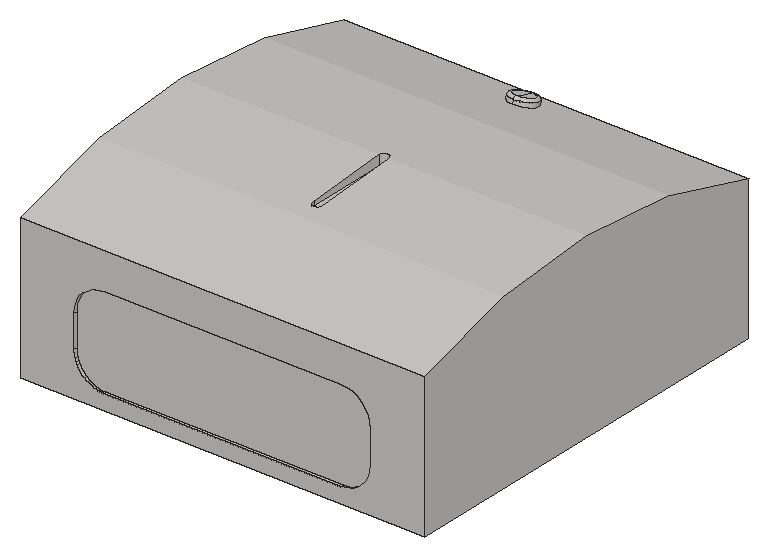
Revit family "PRD_AR_PprTwlDpnsrs_STRATOSCombinationPaperTowelAndSoapDispenser_STR600_STR601", category Specialty Equipment, host Face, Revit 2020
Family settings
  Host = Face
  Round Connector Dimension = Use Diameter
  Part Type = Normal
  OmniClass Number = 23.40.20.21
  OmniClass Title = Toilet and Bath Specialties
  Cut with Voids When Loaded = No
  Shared = No
  Room Calculation Point = No
Parameters (values of type "STR600")
  WarrantyStartDate [instance] = "1900-12-31T23:59:59"
  WarrantyGuarantorParts = "n/a"
  WarrantyGuarantorLabor = "n/a"
  WarrantyDurationUnit = "year"
  WarrantyDurationParts = "n/a"
  WarrantyDurationLabor = "n/a"
  WarrantyDescription = "n/a"
  Version = "1"
  Uniclass2015Version = "Products v1.10"
  Uniclass2015Title = "Paper towel dispensers"
  Uniclass2015Code = "Pr_40_70_22_62"
  URL = "www.kwc-professional.com"
  TypeOfOperation = "Manual operation"
  TypeOfMounting = "Wall mounting"
  TypeOfFixing = "Screw"
  TypeOfConsumable2 = "n/a"
  TypeOfConsumable1 = "Paper towel"
  TagNumber [instance] = "n/a"
  SustainabilityPerformance = "n/a"
  Style = "Paper towel dispenser"
  Size = "300 x 305 x 134 mm"
  Shape = "n/a"
  SerialNumber [instance] = "n/a"
  STR601 = no
  STR600 = yes
  Revision = "n/a"
  ReplacementCost = "n/a"
  ProductInformation = "http://pim.kwc.com/product/3600008935/attachment/datasheet?locale=en"
  Operation = "Manual"
  NominalWidth = 300.00 mm
  NominalLength = 300.00 mm
  NominalHeight = 305.00 mm
  NominalDepth = 134.00 mm
  NetWeight = 3.40 kg
  Name = "STRATOS paper towel dispenser STR600"
  NBSTypeID = "n/a"
  NBSReference = "45-35-72/344"
  NBSOfficeMasterTag = "n/a"
  NBSNote = "n/a"
  NBSDescription = "Paper towel dispensers"
  NBSCertification = "n/a"
  ModelReference = "STR600"
  ModelNumber = "3600008935"
  Model = ModelReference  # "STR600"
  MaterialCode = "Stainless steel 1.4301"
  Material = "Stainless steel"
  ManufacturerURL = "www.kwc-professional.com"
  ManufacturerName = "KWC Group Management AG"  # constant formula
  Manufacturer = ManufacturerName  # "KWC Group Management AG"
  MainColor = "Stainless steel"
  Lock = "key-lock"
  IntegralAccessories = "Incl. stainless steel screws and dowels"
  InstallationDate [instance] = "1900-12-31T23:59:59"
  IfcExportType = "NOTDEFINED"
  IfcExportAs = "IfcFurnitureType"
  GrossWeight = 3.86 kg
  Grade = "n/a"
  Form = "Wall mounted"
  Finish = "Satin finished"
  FillingQuantity2 = "n/a"
  FillingQuantity1 = "400 towels"
  Features = "For wall mounting. Stainless steel, surface satin finished."
  ExpectedLife = "n/a"
  DurationUnit = "year"
  DispenserMaterial = PRD_AR_StainlessSteel_SatinFinished
  Description = "STRATOS paper towel dispenser for wall mounting, stainless steel, surface satin finished, material thickness 1.5 mm, curved front with inspection window, cylinder lock with key, capacity 300-400 pieces for paper with Z-fold, including mounting material."
  Default Elevation = 1200.00 mm
  CreatedOn = "09/2024"  # constant formula
  Constituents = "n/a"
  Color = "Stainless steel"
  CodePerformance = "n/a"
  Category = "Pr_40_70_22_62, Paper towel dispensers"
  BarCode [instance] = "n/a"
  BIMObjectName = "PRD_AR_PaperTowelDispensers_STRATOSPaperTowelDispenser_STR600"
  Author = "Archispace"  # constant formula
  AssetType = "Fixed"
  AssetIdentifier [instance] = "n/a"
  AccessibilityPerformance = "n/a"
Types (2, lengths in mm): name | Uniclass2015Title | Uniclass2015Code | TypeOfConsumable2 | Size | STR601 | STR600 | ProductInformation | NominalWidth | NominalLength | NominalHeight | NetWeight | Name | NBSReference | NBSDescription | ModelReference | ModelNumber | Model | GrossWeight | FillingQuantity2 | Description | Category | BIMObjectName
  STR601 | "n/a" | "Pr_40_70_22" | "Liquid soap" | "396 x 304 x 134 mm" | yes | no | "http://pim.kwc.com/product/3600008934/attachment/datasheet?locale=en" | 396.00 | 396.00 | 304.00 | 4.67 kg | "STRATOS Combination Paper Towel And Soap Dispenser STR601" | "n/a" | "Dispensers and acceptance units" | "STR601" | "3600008934" | "STR601" | 5.00 kg | "0.8 liter" | "STRATOS paper towel and soap dispenser combination for wall mounting, stainless steel, surface satin finished, material thickness 1.5 mm, curved front with two viewing windows, cylinder lock with key, paper towel dispenser capacity 300-400 pieces for paper with Z-fold, soap dispenser suitable for liquid soap or lotion, 800 ml refill container, with plastic push lever, including mounting material." | "Pr_40_70_22, Dispensers and acceptance units" | "PRD_AR_DispensersAndAcceptanceUnits_STRATOSCombinationPaperTowelAndSoapDispenser_STR601"
  STR600 | "Paper towel dispensers" | "Pr_40_70_22_62" | "n/a" | "300 x 305 x 134 mm" | no | yes | "http://pim.kwc.com/product/3600008935/attachment/datasheet?locale=en" | 300.00 | 300.00 | 305.00 | 3.40 kg | "STRATOS paper towel dispenser STR600" | "45-35-72/344" | "Paper towel dispensers" | "STR600" | "3600008935" | "STR600" | 3.86 kg | "n/a" | "STRATOS paper towel dispenser for wall mounting, stainless steel, surface satin finished, material thickness 1.5 mm, curved front with inspection window, cylinder lock with key, capacity 300-400 pieces for paper with Z-fold, including mounting material." | "Pr_40_70_22_62, Paper towel dispensers" | "PRD_AR_PaperTowelDispensers_STRATOSPaperTowelDispenser_STR600"
Reference planes
  plane 1 "Center (Front/Back)": y = 0
  plane 2: z = 0
  plane 3 "Center (Left/Right)": x = 0
  plane 4: x = -198
  plane 5: x = 198
  plane 6: x = -48
  plane 7: x = 150
Forms (mm)
  Extrusion 1, solid, material "PRD_AR_StainlessSteel_SatinFinished" <- "DispenserMaterial", visible <- "STR601", detail levels fine
    sketch origin (0, 0, 0) x (0, 1, 0) y (0, 0, 1)
      loop
        line (0, 106.266) -> (0, 0) -> (305, 0) -> (305, 106.266)
        arc (305, 106.266) -> (152.5, 134.003) -> (0, 106.266) r 433.095
    from -198 to 198
  Extrusion 2, void
    sketch origin (-48, 0, 0) x (1, 0, 0) y (0, 1, 0)
      loop
        line (-3.5, 149.593) -> (-3.5, 88.711)
        arc (-3.5, 88.711) -> (0, 85.211) -> (3.5, 88.711) r 3.5
        line (3.5, 88.711) -> (3.5, 149.593)
        arc (3.5, 149.593) -> (0, 153.093) -> (-3.5, 149.593) r 3.5
    from 126.942 to 143.538
  Revolve 3, solid, material "PRD_AR_StainlessSteel_SatinFinished" <- "DispenserMaterial", visible <- "STR601", detail levels fine
    sketch origin (-48, 85.671, 1220.627) x (0, 1, 0) y (0, 0, 1)
      loop
        arc (187.082, -1098.484) -> (185.557, -1098.609) -> (184.566, -1099.776) r 2
        line (184.566, -1099.776) -> (183.755, -1102.299) -> (193.25, -1105.353) -> (194.674, -1100.927) -> (187.082, -1098.484)
      axis (194.674, -1100.927) -> (193.25, -1105.353)
    angle from 0 to 360
  Extrusion 4, void
    sketch origin (0, 0, 0) x (1, 0, 0) y (0, 0, 1)
      loop
        line (40.01, 79.5) -> (-135.99, 79.5)
        arc (-135.99, 79.5) -> (-151.546, 73.056) -> (-157.99, 57.5) r 22
        line (-157.99, 57.5) -> (-157.99, 33.5)
        arc (-157.99, 33.5) -> (-151.546, 17.944) -> (-135.99, 11.5) r 22
        line (-135.99, 11.5) -> (40.01, 11.5)
        arc (40.01, 11.5) -> (55.566, 17.944) -> (62.01, 33.5) r 22
        line (62.01, 33.5) -> (62.01, 57.5)
        arc (62.01, 57.5) -> (55.566, 73.056) -> (40.01, 79.5) r 22
    from 0 to -2
  Extrusion 5, void
    sketch origin (150, 0, 0) x (1, 0, 0) y (0, 1, 0)
      loop
        line (-3.5, 149.593) -> (-3.5, 88.711)
        arc (-3.5, 88.711) -> (0, 85.211) -> (3.5, 88.711) r 3.5
        line (3.5, 88.711) -> (3.5, 149.593)
        arc (3.5, 149.593) -> (0, 153.093) -> (-3.5, 149.593) r 3.5
    from 126.942 to 143.538
  Extrusion 6, solid, material "PRD_AR_StainlessSteel_SatinFinished" <- "DispenserMaterial", visible <- "STR601", detail levels fine
    sketch origin (150, 0, 0) x (0, 1, 0) y (0, 0, 1)
      loop
        line (-2.523, 29.815) -> (0, 28.988) -> (0, 35.061)
        arc (0, 35.061) -> (-3.195, 35.804) -> (-6.458, 35.474) r 10
        line (-6.458, 35.474) -> (-17.912, 32.356)
        arc (-17.912, 32.356) -> (-19.949, 28.796) -> (-16.389, 26.76) r 2.9
        line (-16.389, 26.76) -> (-4.935, 29.877)
        arc (-4.935, 29.877) -> (-3.724, 30.023) -> (-2.523, 29.815) r 4.2
    from -12.5 to 12.5
  Extrusion 7, solid, material "PRD_AR_StainlessSteel_SatinFinished" <- "DispenserMaterial", visible <- "STR601", detail levels medium
    sketch origin (0, 0, 0) x (0, 1, 0) y (0, 0, 1)
      loop
        line (0, 106.266) -> (0, 0) -> (305, 0) -> (305, 106.266)
        arc (305, 106.266) -> (152.5, 134.003) -> (0, 106.266) r 433.095
    from -198 to 198
  Extrusion 8, solid, material "PRD_AR_StainlessSteel_SatinFinished" <- "DispenserMaterial", visible <- "STR601", detail levels coarse
    sketch origin (0, 0, 0) x (0, 1, 0) y (0, 0, 1)
      loop
        line (305, 0) -> (305, 134.016) -> (0, 134.016) -> (0, 0) -> (305, 0)
    from -198 to 198
  Extrusion 9, solid, material "PRD_AR_StainlessSteel_SatinFinished" <- "DispenserMaterial", visible <- "STR600", detail levels fine
    sketch origin (-0.01, 0, 0) x (0, 1, 0) y (0, 0, 1)
      loop
        line (0, 106.266) -> (0, 0) -> (300, 0) -> (300, 106.266)
        arc (300, 106.266) -> (150, 134) -> (0, 106.266) r 419.5
    from -150 to 150
  Extrusion 10, void
    sketch origin (-0.01, 0, 0) x (1, 0, 0) y (0, 1, 0)
      loop
        line (-3.5, 149.593) -> (-3.5, 88.711)
        arc (-3.5, 88.711) -> (0, 85.211) -> (3.5, 88.711) r 3.5
        line (3.5, 88.711) -> (3.5, 149.593)
        arc (3.5, 149.593) -> (0, 153.093) -> (-3.5, 149.593) r 3.5
    from 126.942 to 143.538
  Revolve 11, solid, material "PRD_AR_StainlessSteel_SatinFinished" <- "DispenserMaterial", visible <- "STR600", detail levels fine
    sketch origin (-0.01, 0, 0) x (0, 1, 0) y (0, 0, 1)
      loop
        arc (272.294, 120.716) -> (270.768, 120.591) -> (269.777, 119.424) r 2
        line (269.777, 119.424) -> (268.966, 116.901) -> (278.462, 113.847) -> (279.886, 118.273) -> (272.294, 120.716)
      axis (279.886, 118.273) -> (278.462, 113.847)
    angle from 0 to 360
  Extrusion 12, void
    sketch origin (-0.01, 0, 0) x (1, 0, 0) y (0, 0, 1)
      loop
        line (88.01, 79.5) -> (-87.99, 79.5)
        arc (-87.99, 79.5) -> (-103.546, 73.056) -> (-109.99, 57.5) r 22
        line (-109.99, 57.5) -> (-109.99, 33.5)
        arc (-109.99, 33.5) -> (-103.546, 17.944) -> (-87.99, 11.5) r 22
        line (-87.99, 11.5) -> (88.01, 11.5)
        arc (88.01, 11.5) -> (103.566, 17.944) -> (110.01, 33.5) r 22
        line (110.01, 33.5) -> (110.01, 57.5)
        arc (110.01, 57.5) -> (103.566, 73.056) -> (88.01, 79.5) r 22
    from 0 to -2
  Extrusion 13, solid, material "PRD_AR_StainlessSteel_SatinFinished" <- "DispenserMaterial", visible <- "STR600", detail levels medium
    sketch origin (-0.01, 0, 0) x (0, 1, 0) y (0, 0, 1)
      loop
        line (300, 0) -> (300, 106.266)
        arc (300, 106.266) -> (150, 134) -> (0, 106.266) r 419.5
        line (0, 106.266) -> (0, 0) -> (300, 0)
    from -150 to 150
  Extrusion 14, solid, material "PRD_AR_StainlessSteel_SatinFinished" <- "DispenserMaterial", visible <- "STR600", detail levels coarse
    sketch origin (-0.01, 0, 0) x (0, 1, 0) y (0, 0, 1)
      loop
        line (300, 0) -> (300, 134) -> (0, 134) -> (0, 0) -> (300, 0)
    from -150 to 150
Cuts and joins
  Extrusion 2, Extrusion 4, Extrusion 5, Extrusion 12 cuts Extrusion 1
  Extrusion 10, Extrusion 12 cuts Extrusion 9
Dimensions and locks
  plane 4 to plane 3 "Center (Left/Right)" = 198.00 mm
  plane 3 "Center (Left/Right)" to plane 5 = 198.00 mm
  aligned and locked: plane 2 to host face
  aligned and locked: level to host face
